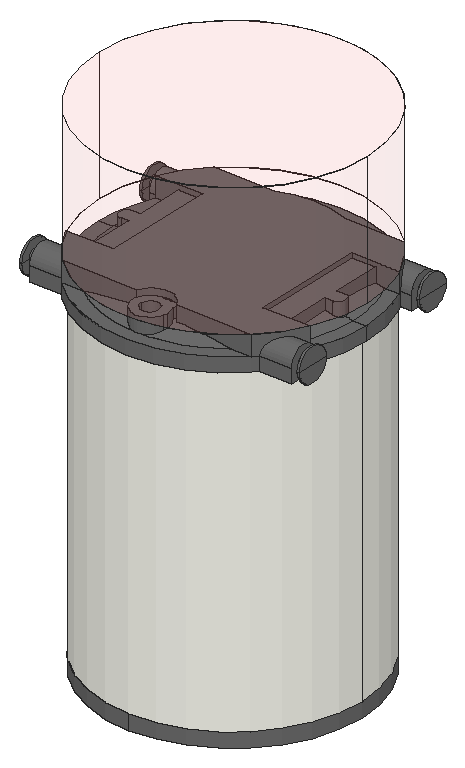
Revit family (continued)
Definition of nested family "Cooling_Plant_Accessories-Calmac-IceBank-Lid_C-75"
  Dimensions and locks (in)
    aligned and locked: plane 41 "Top" to Masking region 2 sketch curve
    aligned and locked: Masking region 2 sketch curve to plane 2 "Bottom"
    aligned and locked: plane 18 "Piping Front" to Masking region 2 sketch curve
    aligned and locked: Masking region 2 sketch curve to plane 43 "Connector Channel Top"
    aligned and locked: plane 22 "Front Inset" to Masking region 2 sketch curve
    aligned and locked: plane 14 "Front" to Masking region 2 sketch curve
    aligned and locked: curve 125 to cut or joined group of Revolve 1, Extrusion 2, Extrusion 4
    aligned and locked: curve 126 to cut or joined group of Revolve 1, Extrusion 2, Extrusion 4
    aligned and locked: curve 127 to cut or joined group of Revolve 1, Extrusion 2, Extrusion 4
    aligned and locked: curve 128 to cut or joined group of Revolve 1, Extrusion 2, Extrusion 4
    aligned and locked: curve 129 to cut or joined group of Revolve 1, Extrusion 2, Extrusion 4
    aligned and locked: curve 130 to Extrusion 5
    aligned and locked: curve 131 to Extrusion 5
    aligned and locked: curve 132 to Extrusion 5
    aligned and locked: curve 133 to Extrusion 5
    aligned and locked: curve 134 to Extrusion 5
    aligned and locked: curve 135 to Extrusion 5
    aligned and locked: curve 136 to Extrusion 5
    aligned and locked: curve 137 to Extrusion 5
    aligned and locked: curve 138 to cut or joined group of Revolve 1, Extrusion 2, Extrusion 4
    aligned and locked: curve 139 to cut or joined group of Revolve 1, Extrusion 2, Extrusion 4
    aligned and locked: curve 140 to curve 138
    aligned and locked: curve 141 to curve 139
    aligned and locked: curve 142 to curve 128
    aligned and locked: curve 143 to curve 127
    aligned and locked: curve 144 to cut or joined group of Revolve 1, Extrusion 2, Extrusion 4
    aligned and locked: curve 145 to cut or joined group of Revolve 1, Extrusion 2, Extrusion 4
    aligned and locked: curve 146 to cut or joined group of Revolve 1, Extrusion 2, Extrusion 4
    aligned and locked: curve 147 to cut or joined group of Revolve 1, Extrusion 2, Extrusion 4
    aligned and locked: curve 148 to cut or joined group of Revolve 1, Extrusion 2, Extrusion 4
    aligned and locked: curve 149 to cut or joined group of Revolve 1, Extrusion 2, Extrusion 4
    aligned and locked: curve 150 to cut or joined group of Revolve 1, Extrusion 2, Extrusion 4
    aligned and locked: cut or joined group of Revolve 1, Extrusion 2, Extrusion 4 to curve 151
    aligned and locked: curve 152 to cut or joined group of Revolve 1, Extrusion 2, Extrusion 4
    aligned and locked: curve 153 to cut or joined group of Revolve 1, Extrusion 2, Extrusion 4
    aligned and locked: curve 154 to cut or joined group of Revolve 1, Extrusion 2, Extrusion 4
    aligned and locked: curve 155 to cut or joined group of Revolve 1, Extrusion 2, Extrusion 4
    aligned and locked: curve 156 to cut or joined group of Revolve 1, Extrusion 2, Extrusion 4
    aligned and locked: curve 157 to cut or joined group of Revolve 1, Extrusion 2, Extrusion 4
    aligned and locked: curve 158 to cut or joined group of Revolve 1, Extrusion 2, Extrusion 4
    aligned and locked: cut or joined group of Revolve 1, Extrusion 2, Extrusion 4 to curve 159
    aligned and locked: curve 160 to cut or joined group of Revolve 1, Extrusion 2, Extrusion 4
    aligned and locked: curve 161 to cut or joined group of Revolve 1, Extrusion 2, Extrusion 4
    aligned and locked: curve 162 to cut or joined group of Revolve 1, Extrusion 2, Extrusion 4
    aligned and locked: cut or joined group of Revolve 1, Extrusion 2, Extrusion 4 to curve 163
    aligned and locked: curve 164 to cut or joined group of Revolve 1, Extrusion 2, Extrusion 4
    aligned and locked: cut or joined group of Revolve 1, Extrusion 2, Extrusion 4 to curve 165
    aligned and locked: curve 166 to cut or joined group of Revolve 1, Extrusion 2, Extrusion 4
    aligned and locked: cut or joined group of Revolve 1, Extrusion 2, Extrusion 4 to curve 167
    aligned and locked: curve 168 to cut or joined group of Revolve 1, Extrusion 2, Extrusion 4
    aligned and locked: curve 169 to cut or joined group of Revolve 1, Extrusion 2, Extrusion 4
    aligned and locked: curve 170 to cut or joined group of Revolve 1, Extrusion 2, Extrusion 4
    aligned and locked: curve 171 to cut or joined group of Revolve 1, Extrusion 2, Extrusion 4
    aligned and locked: curve 172 to cut or joined group of Revolve 1, Extrusion 2, Extrusion 4
    aligned and locked: curve 173 to cut or joined group of Revolve 1, Extrusion 2, Extrusion 4
    aligned and locked: curve 174 to cut or joined group of Revolve 1, Extrusion 2, Extrusion 4
    aligned and locked: curve 175 to cut or joined group of Revolve 1, Extrusion 2, Extrusion 4
    aligned and locked: cut or joined group of Revolve 1, Extrusion 2, Extrusion 4 to curve 176
    aligned and locked: cut or joined group of Revolve 1, Extrusion 2, Extrusion 4 to curve 177
    aligned and locked: cut or joined group of Revolve 1, Extrusion 2, Extrusion 4 to curve 178
    aligned and locked: cut or joined group of Revolve 1, Extrusion 2, Extrusion 4 to curve 179
    aligned and locked: cut or joined group of Revolve 1, Extrusion 2, Extrusion 4 to curve 180
    aligned and locked: cut or joined group of Revolve 1, Extrusion 2, Extrusion 4 to curve 181
    aligned and locked: cut or joined group of Revolve 1, Extrusion 2, Extrusion 4 to curve 182
    aligned and locked: cut or joined group of Revolve 1, Extrusion 2, Extrusion 4 to curve 183
    aligned and locked: Masking region 3 sketch curve to curve 140  (x2)
    aligned and locked: Masking region 3 sketch curve to curve 141
    aligned and locked: nested 1 to plane 6 "Back Connector Center"
    aligned: nested 1 to plane 45 "Connection Sleeve Right"
    aligned and locked: plane 16 "Fron Connector Center" to nested 2
    aligned: nested 2 to plane 45 "Connection Sleeve Right"
    aligned: nested 3 to plane 44 "Connection Sleeve Left"
    aligned and locked: nested 3 to plane 16 "Fron Connector Center"
    aligned: nested 4 to plane 44 "Connection Sleeve Left"
    aligned and locked: plane 6 "Back Connector Center" to nested 4
    aligned: plane 42 "Connector Center(Elevation)" to nested 4
    aligned: plane 42 "Connector Center(Elevation)" to nested 3
    aligned: plane 42 "Connector Center(Elevation)" to nested 1
    aligned: plane 42 "Connector Center(Elevation)" to nested 2
    aligned and locked: plane 34 "Right" to curve 184
    aligned and locked: plane 26 "Left" to curve 184
    aligned and locked: plane 1 "Center (Front/Back)" to curve 184
    aligned and locked: curve 163 to plane 41 "Top"
    aligned and locked: plane 4 "Back" to curve 185
    aligned and locked: plane 14 "Front" to curve 185
    aligned and locked: plane 3 "Center (Left/Right)" to curve 185
    aligned and locked: plane 41 "Top" to curve 183
    aligned and locked: plane 41 "Top" to curve 186
    aligned and locked: curve 186 to plane 3 "Center (Left/Right)"
    aligned and locked: plane 2 "Bottom" to curve 186
    aligned and locked: plane 1 "Center (Front/Back)" to curve 186
    aligned and locked: Masking region 3 sketch curve to plane 5 "Back Connector Back"
    aligned and locked: plane 45 "Connection Sleeve Right" to Masking region 3 sketch curve
    aligned and locked: Masking region 3 sketch curve to plane 45 "Connection Sleeve Right"
    aligned and locked: Extrusion 3 to Masking region 3 sketch curve
    aligned and locked: Masking region 3 sketch curve to plane 15 "Front Connection Front"  (x2)
    aligned and locked: plane 44 "Connection Sleeve Left" to Masking region 3 sketch curve
    aligned and locked: Masking region 3 sketch curve to plane 44 "Connection Sleeve Left"
    aligned and locked: plane 5 "Back Connector Back" to Masking region 3 sketch curve
    aligned: plane 3 "Center (Left/Right)" to nested 5
    aligned and locked: plane 1 "Center (Front/Back)" to nested 5
    aligned: plane 58 "T.O. Clearance Box" to nested 5  (x2)
    aligned: plane 41 "Top" to nested 5
    aligned and locked: nested 2 to plane 59 "Right Connector Face"
    aligned and locked: nested 1 to plane 59 "Right Connector Face"
    aligned and locked: nested 3 to plane 60 "Left Connector Face"
    aligned and locked: nested 4 to plane 60 "Left Connector Face"
    aligned and locked: plane 62 "Sleeve Right" to Extrusion 3
    aligned and locked: plane 61 "Sleeve Left" to Extrusion 3
    aligned and locked: Masking region 3 sketch curve to plane 61 "Sleeve Left"
    aligned and locked: plane 7 "Back Connector Front" to Masking region 3 sketch curve
    aligned and locked: Masking region 3 sketch curve to plane 17 "Front Connector Back"  (x2)
    aligned and locked: plane 61 "Sleeve Left" to Masking region 3 sketch curve
    aligned and locked: plane 62 "Sleeve Right" to Masking region 3 sketch curve
    aligned and locked: Masking region 3 sketch curve to plane 62 "Sleeve Right"
    aligned and locked: Masking region 3 sketch curve to plane 7 "Back Connector Front"
    aligned and locked: plane 42 "Connector Center(Elevation)" to curve 103
    aligned and locked: plane 54 "Right Tunnel Ref" to curve 104
    aligned and locked: curve 105 to plane 55 "Left Tunnel Ref"
    aligned and locked: plane 45 "Connection Sleeve Right" to curve 114
    aligned and locked: plane 41 "Top" to curve 176
    aligned and locked: plane 42 "Connector Center(Elevation)" to curve 176
    aligned and locked: plane 42 "Connector Center(Elevation)" to curve 158
    aligned and locked: plane 41 "Top" to curve 182
    aligned and locked: plane 42 "Connector Center(Elevation)" to curve 177
    aligned and locked: plane 41 "Top" to curve 177
    aligned and locked: plane 41 "Top" to curve 178
    aligned and locked: plane 42 "Connector Center(Elevation)" to curve 178
    aligned and locked: plane 42 "Connector Center(Elevation)" to curve 144
    aligned and locked: plane 41 "Top" to curve 180
    aligned and locked: plane 41 "Top" to curve 179
    aligned and locked: plane 42 "Connector Center(Elevation)" to curve 179
    aligned and locked: plane 41 "Top" to curve 181
    aligned and locked: plane 42 "Connector Center(Elevation)" to curve 181
    aligned and locked: nested 5 to plane 41 "Top"
    aligned and locked: plane 58 "T.O. Clearance Box" to nested 5
    aligned and locked: plane 42 "Connector Center(Elevation)" to nested 1
    aligned and locked: plane 42 "Connector Center(Elevation)" to nested 2
    aligned and locked: plane 42 "Connector Center(Elevation)" to nested 4
    aligned and locked: plane 42 "Connector Center(Elevation)" to nested 3
  Automatic sketch dimensions
    Extrusion 4 sketch curve to plane 9 "Rigging Back" = 0' - 0"
    plane 40 "Top Right" to Extrusion 2 sketch curve = 0' - 4.0663"
    plane 3 "Center (Left/Right)" to Extrusion 2 sketch curve = 0' - 0.00163"
    plane 24 "Pad Eye Front Center" to Extrusion 2 sketch curve = 0' - 0.19621"
    plane 10 "Rigging Loop Back" to Extrusion 2 sketch curve = 0' - 1.54805"
    Extrusion 2 sketch curve to Extrusion 2 sketch curve = 0' - 0"  (x2)
    plane 36 "Right Rigging Loop Right" to Extrusion 2 sketch curve = 0' - 4.88399"
    plane 24 "Pad Eye Front Center" to Extrusion 5 sketch curve = 0' - 0.02333"
    plane 24 "Pad Eye Front Center" to Extrusion 5 sketch curve = 0' - 0.02277"
    Extrusion 5 sketch curve to Extrusion 5 sketch curve = 0' - 0.36824"
    Extrusion 5 sketch curve to Extrusion 5 sketch curve = 0' - 0.36835"
    Extrusion 5 sketch curve to Extrusion 5 sketch curve = 0' - 0"  (x2)
    Masking region 3 sketch curve to Masking region 3 sketch curve = 0' - 0"  (x2)
    Masking region 3 sketch curve to plane 44 "Connection Sleeve Left" = 0' - 0"
    Masking region 3 sketch curve to Masking region 3 sketch curve = 0' - 0.43383"
    curve 112 to plane 43 "Connector Channel Top" = 0' - 0"
    curve 120 to level = 0' - 0"
    curve 113 to level = 0' - 0"
    curve 117 to level = 0' - 0"
    curve 114 to level = 0' - 0"
    curve 104 to plane 41 "Top" = 0' - 0"
    curve 109 to plane 41 "Top" = 0' - 0"
    curve 108 to plane 41 "Top" = 0' - 0"
    curve 105 to plane 41 "Top" = 0' - 0"
    curve 109 to curve 112 = 0' - 0.56869"
    plane 3 "Center (Left/Right)" to curve 115 = 0' - 0"
    curve 112 to curve 108 = 0' - 0.57194"
    plane 36 "Right Rigging Loop Right" to curve 116 = 0' - 0.0067"
    plane 42 "Connector Center(Elevation)" to curve 116 = 0' - 0.04774"
    curve 111 to curve 108 = 0' - 0.56061"
    plane 41 "Top" to curve 115 = 0' - 8.77139"
    curve 50 to plane 47 "Bolt Inset Right" = 0' - 0"
    curve 49 to plane 3 "Center (Left/Right)" = 0' - 0"
    curve 125 to plane 8 "Piping Back" = 0' - 0"
    plane 19 "Rigging Front" to curve 129 = 0' - 0"
    plane 4 "Back" to curve 50 = 0' - 0"
    plane 49 "Bolt Inset Center" to curve 49 = 0' - 0"
    plane 34 "Right" to curve 68 = 0' - 0.05975"
    plane 34 "Right" to curve 71 = 0' - 0.05975"
    plane 33 "Right Connection" to curve 69 = 0' - 0.05346"
    plane 33 "Right Connection" to curve 67 = 0' - 0.05346"
    plane 52 "Right Side Chanel" to curve 71 = 0' - 0.58177"
    plane 52 "Right Side Chanel" to curve 66 = 0' - 0.58177"
    plane 52 "Right Side Chanel" to curve 66 = 0' - 0.71351"
    plane 52 "Right Side Chanel" to curve 70 = 0' - 0.71351"
    plane 52 "Right Side Chanel" to curve 74 = 0' - 0.72576"
    plane 52 "Right Side Chanel" to curve 99 = 0' - 0.72576"
    plane 52 "Right Side Chanel" to curve 69 = 0' - 0.84524"
    plane 52 "Right Side Chanel" to curve 67 = 0' - 0.84524"
    curve 72 to plane 57 "Right Tunnel Ref Center" = 0' - 0.39515"
    curve 62 to plane 57 "Right Tunnel Ref Center" = 0' - 0.35589"
    plane 35 "Lid Inset Right" to curve 99 = 0' - 0.20973"
    plane 35 "Lid Inset Right" to curve 74 = 0' - 0.20973"
    curve 99 to curve 60 = 0' - 0.00797"
    plane 35 "Lid Inset Right" to curve 60 = 0' - 0.4131"
    plane 35 "Lid Inset Right" to curve 73 = 0' - 0.58321"
    curve 60 to curve 61 = 0' - 0.19232"
    plane 35 "Lid Inset Right" to curve 73 = 0' - 0.95668"
    curve 61 to plane 51 "Top Right Inset" = 0' - 0.97408"
    plane 21 "Top Front Edge" to curve 97 = 0' - 0.02024"
    plane 46 "Right Center" to curve 97 = 0' - 0.08642"
    plane 46 "Right Center" to curve 65 = 0' - 0.10857"
    plane 8 "Piping Back" to curve 64 = 0' - 0.58462"
    plane 46 "Right Center" to curve 64 = 0' - 1.33334"
    plane 18 "Piping Front" to curve 97 = 0' - 0.54429"
    plane 46 "Right Center" to curve 97 = 0' - 1.33764"
    plane 46 "Right Center" to curve 63 = 0' - 1.63906"
    curve 98 to plane 24 "Pad Eye Front Center" = 0' - 0.7003"
    plane 46 "Right Center" to curve 98 = 0' - 1.64225"
    curve 96 to plane 23 "Pad Eye Hole" = 0' - 0.03387"
    curve 96 to curve 96 = 0' - 0.77791"
    curve 64 to curve 64 = 0' - 0.79088"
    plane 21 "Top Front Edge" to curve 98 = 0' - 0 5/16"
    curve 64 to plane 39 "Right Rigging Left" = 0' - 0.70964"
    curve 93 to plane 22 "Front Inset" = 0' - 1.49486"
    curve 93 to plane 40 "Top Right" = 0' - 3.68687"
    plane 49 "Bolt Inset Center" to curve 53 = 0' - 0.44475"
    curve 53 to plane 40 "Top Right" = 0' - 3.66499"
    plane 22 "Front Inset" to curve 93 = 0' - 0.38295"
    curve 93 to curve 93 = 0' - 0.66239"
    plane 12 "Back Inset" to curve 53 = 0' - 0.51617"
    curve 53 to curve 53 = 0' - 0.66892"
    plane 22 "Front Inset" to curve 94 = 0' - 0.0503"
    curve 93 to curve 94 = 0' - 0.94305"
    plane 12 "Back Inset" to curve 52 = 0' - 0.18178"
    curve 53 to curve 52 = 0' - 0.94262"
    curve 95 to plane 40 "Top Right" = 0' - 1 205/256"
    curve 51 to plane 49 "Bolt Inset Center" = 0' - 0.21117"
    curve 51 to plane 40 "Top Right" = 0' - 1.7752"
    curve 94 to plane 22 "Front Inset" = 0' - 0.28236"
    curve 51 to plane 12 "Back Inset" = 0' - 0.1526"
    curve 165 to curve 132 = 0' - 1.92013"
    curve 126 to plane 18 "Piping Front" = 0' - 0.51914"  (x2)
    curve 164 to curve 163 = 0' - 0.30497"
    curve 173 to curve 125 = 0' - 1.35639"
    curve 55 to plane 12 "Back Inset" = 0' - 0.20247"
    curve 55 to plane 32 "Top Left" = 0' - 1.1267"
    curve 88 to plane 22 "Front Inset" = 0' - 0.28236"
    curve 88 to plane 32 "Top Left" = 0' - 1.13838"
    curve 56 to plane 49 "Bolt Inset Center" = 0' - 0.27827"
    curve 56 to plane 32 "Top Left" = 0' - 1.78316"
    curve 89 to plane 32 "Top Left" = 0' - 1.81788"
    plane 12 "Back Inset" to curve 55 = 0' - 0.12568"
    curve 55 to curve 55 = 0' - 0.9448"
    plane 22 "Front Inset" to curve 88 = 0' - 0.0503"
    curve 88 to curve 88 = 0' - 0.94305"
    plane 12 "Back Inset" to curve 54 = 0' - 0.45384"
    plane 22 "Front Inset" to curve 87 = 0' - 0.38295"
    plane 49 "Bolt Inset Center" to curve 54 = 0' - 0.39092"
    curve 54 to curve 54 = 0' - 0.65198"
    curve 87 to plane 22 "Front Inset" = 0' - 1.54109"
    curve 89 to curve 87 = 0' - 1.8853"
    curve 59 to plane 31 "Left Rigging Right" = 0' - 0.73306"
    plane 21 "Top Front Edge" to curve 85 = 0' - 0 5/16"
    curve 85 to plane 31 "Left Rigging Right" = 0' - 0.73601"
    curve 85 to plane 23 "Pad Eye Hole" = 0' - 0.03387"
    curve 85 to curve 85 = 0' - 0.77791"
    curve 58 to curve 58 = 0' - 0.80477"  (x2)
    curve 59 to plane 31 "Left Rigging Right" = 0' - 1.92107"
    curve 86 to plane 24 "Pad Eye Front Center" = 0' - 0.7403"
    curve 86 to plane 31 "Left Rigging Right" = 0' - 2 5/256"
    plane 18 "Piping Front" to curve 85 = 0' - 0.54429"
    plane 8 "Piping Back" to curve 58 = 0' - 0.67433"
    curve 58 to curve 57 = 0' - 1.17992"
    curve 84 to plane 21 "Top Front Edge" = 0' - 0.0179"
    curve 86 to curve 84 = 0' - 1.55432"
    plane 27 "Left Lip Inset" to curve 76 = 0' - 0.96143"
    curve 101 to plane 19 "Rigging Front" = 0' - 0.45769"
    plane 27 "Left Lip Inset" to curve 101 = 0' - 0.96143"
    curve 100 to curve 161 = 0' - 0.21853"
    plane 27 "Left Lip Inset" to curve 101 = 0' - 0.58796"
    plane 27 "Left Lip Inset" to curve 76 = 0' - 0.58796"
    plane 27 "Left Lip Inset" to curve 102 = 0' - 0.21448"
    plane 27 "Left Lip Inset" to curve 76 = 0' - 0.21448"
    curve 75 to plane 56 "Left Tunnel Ref Center" = 0' - 0.3904"
    curve 100 to plane 19 "Rigging Front" = 0' - 0.01575"
    curve 100 to plane 56 "Left Tunnel Ref Center" = 0' - 0.3904"
    plane 53 "Left Side Channel" to curve 83 = 0' - 0.84999"
    plane 53 "Left Side Channel" to curve 79 = 0' - 0.84999"
    plane 53 "Left Side Channel" to curve 77 = 0' - 0.73051"
    plane 53 "Left Side Channel" to curve 102 = 0' - 0.73051"
    plane 53 "Left Side Channel" to curve 79 = 0' - 0.71826"
    plane 53 "Left Side Channel" to curve 82 = 0' - 0.71826"
    plane 53 "Left Side Channel" to curve 80 = 0' - 0.58652"
    plane 53 "Left Side Channel" to curve 82 = 0' - 0.58652"
    plane 25 "Left Connection" to curve 78 = 0' - 0.05821"
    plane 25 "Left Connection" to curve 83 = 0' - 0.05821"
    plane 26 "Left" to curve 80 = 0' - 0.0645"
    plane 26 "Left" to curve 81 = 0' - 0.0645"
    plane 4 "Back" to curve 48 = 0' - 0.01364"
    curve 59 to curve 57 = 0' - 2.79764"
    curve 63 to curve 64 = 0' - 2.87284"
    curve 57 to curve 58 = 0' - 1.59891"
    curve 65 to curve 65 = 0' - 1.58211"
    plane 8 "Piping Back" to curve 58 = 0' - 1.86209"
    plane 8 "Piping Back" to curve 64 = 0' - 1.80912"
    curve 72 to plane 9 "Rigging Back" = 0' - 0.53489"
    curve 75 to plane 9 "Rigging Back" = 0' - 0.53489"
    curve 72 to plane 9 "Rigging Back" = 0' - 1.27856"
    curve 75 to plane 9 "Rigging Back" = 0' - 1.27856"
    curve 72 to curve 73 = 0' - 0.92764"
    curve 75 to curve 76 = 0' - 0.92764"
    curve 77 to curve 76 = 0' - 0.74367"
    curve 74 to curve 73 = 0' - 0.74367"
    plane 10 "Rigging Loop Back" to curve 69 = 0' - 3.7979"
    plane 10 "Rigging Loop Back" to curve 78 = 0' - 3.7979"
    curve 69 to curve 69 = 0' - 0.26232"
    curve 78 to curve 79 = 0' - 0.26232"
    curve 69 to curve 70 = 0' - 0.99128"
    curve 78 to curve 79 = 0' - 0.99128"
    plane 10 "Rigging Loop Back" to curve 71 = 0' - 1.81533"
    plane 10 "Rigging Loop Back" to curve 80 = 0' - 1.81533"
    plane 20 "Rigging Loop Front" to curve 68 = 0' - 1.55302"
    plane 20 "Rigging Loop Front" to curve 82 = 0' - 1.55302"
    plane 20 "Rigging Loop Front" to curve 81 = 0' - 1.81533"
    plane 20 "Rigging Loop Front" to curve 68 = 0' - 1.81533"
    curve 66 to curve 66 = 0' - 0.99128"
    curve 81 to curve 82 = 0' - 0.99128"
    curve 66 to curve 67 = 0' - 0.26232"
    curve 83 to curve 83 = 0' - 0.26232"
    curve 99 to plane 19 "Rigging Front" = 0' - 3.13384"
    curve 99 to curve 61 = 0' - 0.01104"
    curve 60 to curve 60 = 0' - 0.69763"
    curve 99 to curve 99 = 0' - 0.74367"
    curve 102 to curve 100 = 0' - 1.85528"
    curve 60 to curve 61 = 0' - 0.22433"
    curve 102 to plane 19 "Rigging Front" = 0' - 1.87103"
    curve 62 to plane 19 "Rigging Front" = 0' - 0.50327"
    plane 14 "Front" to curve 92 = 0' - 1.8675"
    plane 14 "Front" to curve 95 = 0' - 1.65483"
    plane 14 "Front" to curve 89 = 0' - 1.60633"
    curve 90 to plane 14 "Front" = 0' - 0.12249"
    curve 92 to plane 14 "Front" = 0' - 0.12494"
    curve 183 to plane 18 "Piping Front" = 0' - 0"
    curve 182 to plane 42 "Connector Center(Elevation)" = 0' - 0"
    curve 183 to plane 42 "Connector Center(Elevation)" = 0' - 0"
    curve 182 to plane 12 "Back Inset" = 0' - 6.98603"
    curve 177 to plane 18 "Piping Front" = 0' - 0"
    curve 176 to plane 8 "Piping Back" = 0' - 0"
    curve 180 to plane 9 "Rigging Back" = 0' - 0"
    curve 180 to plane 42 "Connector Center(Elevation)" = 0' - 0"
    plane 16 "Fron Connector Center" to curve 181 = 0' - 5 1/4"
    curve 179 to plane 19 "Rigging Front" = 0' - 0"
    curve 178 to plane 9 "Rigging Back" = 0' - 0"
    curve 20 to curve 26 = 0' - 0"  (x2)
    curve 20 to curve 30 = 0' - 0"  (x2)
    curve 20 to curve 33 = 0' - 0"  (x2)
    curve 20 to curve 34 = 0' - 0"  (x2)
    curve 20 to curve 44 = 0' - 0"  (x2)
    curve 20 to curve 45 = 0' - 0"  (x2)
    curve 20 to curve 46 = 0' - 0"  (x2)
    curve 20 to curve 47 = 0' - 0"  (x2)
    curve 20 to curve 140 = 0' - 0"  (x2)
    curve 20 to curve 142 = 0' - 0"  (x2)
    curve 20 to curve 143 = 0' - 0"
    curve 20 to curve 146 = 0' - 0"  (x2)
    curve 20 to curve 150 = 0' - 0"  (x2)
    curve 20 to curve 154 = 0' - 0"  (x2)
    curve 20 to curve 158 = 0' - 0"  (x2)
    curve 26 to plane 57 "Right Tunnel Ref Center" = 0' - 0"
    curve 29 to plane 57 "Right Tunnel Ref Center" = 0' - 0"
    curve 153 to plane 45 "Connection Sleeve Right" = 0' - 0"
    plane 1 "Center (Front/Back)" to curve 37 = 0' - 0"
    plane 20 "Rigging Loop Front" to curve 37 = 0' - 0"
    curve 155 to plane 8 "Piping Back" = 0' - 0"
    curve 155 to plane 38 "Right Rigging Loop Left" = 0' - 0"
    curve 36 to plane 38 "Right Rigging Loop Left" = 0' - 0"
    curve 32 to plane 38 "Right Rigging Loop Left" = 0' - 0"
    plane 18 "Piping Front" to curve 149 = 0' - 0"
    plane 18 "Piping Front" to curve 150 = 0' - 0"
    curve 154 to plane 8 "Piping Back" = 0' - 0"
    curve 151 to plane 39 "Right Rigging Left" = 0' - 0"
    curve 156 to plane 40 "Top Right" = 0' - 0"
    curve 156 to plane 3 "Center (Left/Right)" = 0' - 0"
    plane 18 "Piping Front" to curve 148 = 0' - 0"
    curve 19 to plane 8 "Piping Back" = 0' - 0"
    curve 22 to plane 31 "Left Rigging Right" = 0' - 0"
    curve 19 to plane 55 "Left Tunnel Ref" = 0' - 0"
    curve 158 to plane 8 "Piping Back" = 0' - 0"
    curve 147 to plane 55 "Left Tunnel Ref" = 0' - 0"
    curve 39 to plane 10 "Rigging Loop Back" = 0' - 0"
    curve 39 to plane 30 "Left Rigging Loop Right" = 0' - 0"
    curve 43 to plane 30 "Left Rigging Loop Right" = 0' - 0"
    plane 1 "Center (Front/Back)" to curve 41 = 0' - 0"
    plane 35 "Lid Inset Right" to curve 143 = 0' - 0.00039"
    curve 47 to plane 37 "Right Rigging Loop Inset" = 0' - 1.48966"
    curve 37 to plane 37 "Right Rigging Loop Inset" = 0' - 1.25367"
    plane 38 "Right Rigging Loop Left" to curve 149 = 0' - 0.01509"
    curve 34 to plane 39 "Right Rigging Left" = 0' - 1.24396"
    plane 40 "Top Right" to curve 148 = 0' - 4.0663"
    plane 3 "Center (Left/Right)" to curve 148 = 0' - 0.00163"
    curve 44 to plane 31 "Left Rigging Right" = 0' - 1.24396"
    plane 55 "Left Tunnel Ref" to curve 157 = 0' - 0.41423"
    curve 41 to plane 29 "Left Rigging Loop Inset" = 0' - 1.24992"
    curve 46 to plane 29 "Left Rigging Loop Inset" = 0' - 1.49441"
    plane 27 "Left Lip Inset" to curve 159 = 0' - 0.17459"
    plane 27 "Left Lip Inset" to curve 142 = 0' - 0.00039"
    plane 10 "Rigging Loop Back" to curve 156 = 0' - 1.54805"
    curve 142 to plane 1 "Center (Front/Back)" = 0' - 0.161"
    plane 24 "Pad Eye Front Center" to curve 148 = 0' - 0.19621"
    curve 6 to plane 20 "Rigging Loop Front" = 0' - 0"
    curve 5 to plane 12 "Back Inset" = 0' - 0"
    level to curve 16 = 0' - 0"
    level to curve 2 = 0' - 0"
    level to curve 15 = 0' - 0"
    level to curve 3 = 0' - 0"
    curve 7 to plane 41 "Top" = 0' - 0"
    curve 4 to plane 41 "Top" = 0' - 0"
    curve 12 to plane 41 "Top" = 0' - 0"
    curve 17 to plane 41 "Top" = 0' - 0"
    plane 22 "Front Inset" to curve 18 = 0' - 0.00227"
    curve 10 to curve 9 = 0' - 0.5091"
    curve 8 to curve 8 = 0' - 1.24396"
    curve 124 to plane 8 "Piping Back" = 0' - 0"
    curve 122 to plane 43 "Connector Channel Top" = 0' - 0"
    curve 123 to plane 1 "Center (Front/Back)" = 0' - 0.00127"
    plane 10 "Rigging Loop Back" to curve 123 = 0' - 0.00253"
    curve 124 to plane 8 "Piping Back" = 0' - 1.95677"
    curve 124 to plane 42 "Connector Center(Elevation)" = 0' - 1.1899"
    curve 124 to plane 42 "Connector Center(Elevation)" = 0' - 1.13321"
    curve 122 to plane 42 "Connector Center(Elevation)" = 0' - 0.88175"
    curve 123 to plane 41 "Top" = 0' - 0.04924"
  Nested families (in)
    nested 1: "Cooling_Plant_Accessories-Calmac-Icebank-4-Inch Flanged Connection" at (35.83203, 20.5, 3.75), Pipe Material <- "Pipe Material", visible <- "Is Back Right Flanged Connector Visible", type "Flanged Connection"
    nested 2: "Cooling_Plant_Accessories-Calmac-Icebank-4-Inch Flanged Connection" at (35.83203, -20.5, 3.75), Pipe Material <- "Pipe Material", visible <- "Is Front Right Flanged Connector Visible", type "Flanged Connection"
    nested 3: "Cooling_Plant_Accessories-Calmac-Icebank-4-Inch Flanged Connection" at (-35.83203, -20.5, 3.75) x (-1, 0, 0) z (0, 0, 1), Pipe Material <- "Pipe Material", visible <- "Is Front Left Flanged Connector Visible", type "Flanged Connection"
    nested 4: "Cooling_Plant_Accessories-Calmac-Icebank-4-Inch Flanged Connection" at (-35.83203, 20.5, 3.75) x (-1, 0, 0) z (0, 0, 1), Pipe Material <- "Pipe Material", visible <- "Is Back Left Flanged Connector Visible", type "Flanged Connection"
    nested 5: "Cooling_Plant_Accessories-Calmac-IceBankClearance Box" at (0.26977, 0, 15.25), CTRL Radius <- "CTRL Radius", visible <- "Is Clearance Box Visible", Height <- "Clearance Box Height", type "Include Clearance"
      with Width 6' - 1 3/8", Height 2' - 0", Depth 6' - 1 3/8", CTRL Radius 3' - 0 11/16"
  Definition of nested family "Cooling_Plant_Accessories-Calmac-Icebank-4-Inch Flanged Connection"
    Parameters (values of type "4"")
      Pipe Material [instance] = none
    Reference planes (in)
      plane 1 "Center (Front/Back)": y = 0
      plane 2 "Center (Elevation)": z = 0
      plane 3 "Center (Left/Right)": x = 0
      plane 4 "Back": y = 4.5
      plane 5 "Back Face": x = 1.79297
      plane 6 "Base Back": y = 2.25
      plane 7 "Fase Back": y = 3
      plane 8 "Front": y = -4.5
      plane 9 "Base Front": y = -2.25
      plane 10 "Face Front": y = -3
      plane 11 "Face": x = 2.41797
      plane 12 "T.O. Flange": z = 4.5
      plane 13 "T.O. Pipe": z = 2.25
      plane 14 "B.O. Flange": z = -4.5
      plane 15 "B.O. Pipe": z = -2.25
    Forms (in)
      Revolve 1, solid, material <- "Pipe Material", detail levels fine
        sketch origin (0, 0, 0) x (1, 0, 0) y (0, 1, 0)
          loop
            line (0, 2.25) -> (0, 0) -> (2.41797, 0) -> (2.41797, 4.5) -> (1.79297, 4.5) -> (1.79297, 2.25) -> (0, 2.25)
          axis (0, 0) -> (2.41797, 0)
        angle from 0 to 360
    Lines and regions (in)
      Masking region 1, detail levels fine
        outline origin (0, 0, 0) x (0, 1, 0) y (0, 0, 1)
          loop
            circle (0, 0) r 4.5
      Masking region 2, detail levels fine
        outline origin (0, 0, 0) x (1, 0, 0) y (0, 0, 1)
          loop
            line (2.41797, 4.5) -> (1.79297, 4.5) -> (1.79297, 2.25) -> (0, 2.25) -> (0, -2.25) -> (1.79297, -2.25) -> (1.79297, -4.5) -> (2.41797, -4.5) -> (2.41797, 4.5)
      Masking region 3, detail levels fine
        outline origin (0, 0, 0) x (1, 0, 0) y (0, 1, 0)
          loop
            line (0, 2.25) -> (0, -2.25) -> (1.79297, -2.25) -> (1.79297, -4.5) -> (2.41797, -4.5) -> (2.41797, 4.5) -> (1.79297, 4.5) -> (1.79297, 2.25) -> (0, 2.25)
      model lines, style "Piping", detail levels medium
        curve 1: line (0, 0, 0) -> (2.41797, 0, 0)
        curve 2: arc (2.41797, -4.5, 0) -> (2.41797, 0, 4.5) -> (2.41797, 4.5, 0) r 4.5
        curve 3: arc (2.41797, 4.5, 0) -> (2.41797, 0, -4.5) -> (2.41797, -4.5, 0) r 4.5
      symbolic lines, detail levels coarse+medium
        curve 4: line (0, 0, 0) -> (2.41797, 0, 0)
        curve 5: line (0, 0, 0) -> (2.41797, 0, 0)
    Dimensions and locks (in)
      locked: plane 4 "Back" to plane 7 "Fase Back" at 1.5
      locked: plane 4 "Back" to plane 6 "Base Back" at 2.25
      locked: plane 8 "Front" to plane 10 "Face Front" at 1.5
      locked: plane 8 "Front" to plane 9 "Base Front" at 2.25
      locked: plane 1 "Center (Front/Back)" to plane 6 "Base Back" at 2.25
      locked: plane 9 "Base Front" to plane 1 "Center (Front/Back)" at 2.25
      locked: plane 3 "Center (Left/Right)" to plane 11 "Face" at 2.41797
      locked: plane 5 "Back Face" to plane 11 "Face" at 0.625
      locked: plane 2 "Center (Elevation)" to plane 14 "B.O. Flange" at 4.5
      locked: plane 2 "Center (Elevation)" to plane 15 "B.O. Pipe" at 2.25
      locked: plane 12 "T.O. Flange" to plane 2 "Center (Elevation)" at 4.5
      locked: plane 12 "T.O. Flange" to plane 13 "T.O. Pipe" at 2.25
      aligned and locked: Revolve 1 sketch curve to plane 3 "Center (Left/Right)"
      aligned and locked: Revolve 1 sketch curve to plane 5 "Back Face"
      aligned and locked: Revolve 1 sketch curve to plane 11 "Face"
      aligned and locked: Revolve 1 sketch curve to plane 1 "Center (Front/Back)"
      aligned and locked: Revolve 1 sketch curve to plane 4 "Back"
      aligned and locked: Revolve 1 sketch curve to plane 6 "Base Back"
      aligned and locked: plane 1 "Center (Front/Back)" to Revolve 1 sketch curve  (x2)
      aligned and locked: plane 3 "Center (Left/Right)" to Revolve 1 sketch curve
      aligned and locked: Masking region 1 sketch curve to Revolve 1  (x2)
      aligned and locked: Masking region 2 sketch curve to Revolve 1  (x3)
      aligned and locked: Masking region 2 sketch curve to plane 5 "Back Face"
      aligned and locked: Masking region 2 sketch curve to plane 3 "Center (Left/Right)"
      aligned and locked: Masking region 3 sketch curve to plane 3 "Center (Left/Right)"
      aligned and locked: Masking region 3 sketch curve to plane 4 "Back"
      aligned and locked: Masking region 3 sketch curve to plane 6 "Base Back"
      aligned and locked: plane 9 "Base Front" to Masking region 3 sketch curve
      aligned and locked: plane 8 "Front" to Masking region 3 sketch curve
      aligned and locked: Masking region 3 sketch curve to plane 11 "Face"
      aligned and locked: Masking region 3 sketch curve to plane 5 "Back Face"  (x2)
      aligned and locked: plane 1 "Center (Front/Back)" to curve 1
      aligned and locked: plane 3 "Center (Left/Right)" to curve 1
      aligned and locked: curve 2 to Revolve 1
      aligned and locked: curve 3 to Revolve 1
      aligned and locked: plane 11 "Face" to curve 1
      aligned and locked: plane 11 "Face" to curve 4
      aligned and locked: plane 3 "Center (Left/Right)" to curve 4
      aligned and locked: plane 1 "Center (Front/Back)" to curve 4
      aligned and locked: plane 11 "Face" to curve 5
      aligned and locked: plane 3 "Center (Left/Right)" to curve 5
      aligned and locked: curve 5 to plane 2 "Center (Elevation)"
      aligned and locked: Masking region 2 to plane 12 "T.O. Flange"
      aligned and locked: plane 13 "T.O. Pipe" to Masking region 2
      aligned and locked: plane 2 "Center (Elevation)" to curve 1
      aligned and locked: plane 15 "B.O. Pipe" to Masking region 2
      aligned and locked: Masking region 2 to plane 14 "B.O. Flange"
  Definition of nested family "Cooling_Plant_Accessories-Calmac-IceBankClearance Box"
    Parameters (values of type "Include Clearance")
      Width [instance] = CTRL Radius * 2  # 7' - 5"
      Height [instance] = 3' - 0"
      Depth [instance] = Width  # 7' - 5"
      Clearance Material = Clearance
      CTRL Radius [instance] = 3' - 8 1/2"
      Assembly Code = ""
    Reference planes (in)
      plane 1 "Center (Front/Back)": y = 0
      plane 2 "Bottom": z = -6
      plane 3 "Center (Left/Right)": x = 0
      plane 4 "Top": z = 30
      plane 5 "Back": y = 44.5
      plane 6 "Left": x = -44.5
      plane 7 "Front": y = -44.5
      plane 8 "Right": x = 44.5
      plane 9 "Center (Elevation)": z = 12
    Forms (in)
      Extrusion 1, solid, material "Clearance" <- "Clearance Material"
        sketch origin (0, 0, 30) x (-1, 0, 0) y (0, -1, 0)
          loop
            circle (0, 0) r 44.5
        from -36 to 0
    Lines and regions (in)
      symbolic lines, style "Clearance"
        curve 1: line (-44.5, 0, 30) -> (44.5, 0, 30)
        curve 2: line (-44.5, 0, -6) -> (-44.5, 0, 30)
        curve 3: line (44.5, 0, -6) -> (-44.5, 0, -6)
        curve 4: line (44.5, 0, 30) -> (44.5, 0, -6)
        curve 5: line (0, -44.5, 30) -> (0, 44.5, 30)
        curve 6: line (0, -44.5, -6) -> (0, -44.5, 30)
        curve 7: line (0, 44.5, -6) -> (0, -44.5, -6)
        curve 8: line (0, 44.5, 30) -> (0, 44.5, -6)
        curve 9: circle (0, 0, 30) r 44.5 normal (0, 0, 1)
    Dimensions and locks (in)
      "Height": plane 4 "Top" to plane 2 "Bottom"
      "Depth": plane 5 "Back" to plane 7 "Front"
      "Width": plane 6 "Left" to plane 8 "Right"
      equal spacing: plane 6 "Left", plane 3 "Center (Left/Right)", plane 8 "Right"
      equal spacing: plane 5 "Back", plane 1 "Center (Front/Back)", plane 7 "Front"
      equal spacing: plane 4 "Top", plane 9 "Center (Elevation)", plane 2 "Bottom"
      "CTRL Radius": radius of Extrusion 1 sketch curve
      "CTRL Radius": radius of curve 9
      aligned: level to plane 2 "Bottom"
      aligned and locked: plane 3 "Center (Left/Right)" to Extrusion 1 sketch curve
      aligned and locked: plane 1 "Center (Front/Back)" to Extrusion 1 sketch curve
      aligned and locked: plane 3 "Center (Left/Right)" to curve 9
      aligned and locked: plane 1 "Center (Front/Back)" to curve 9
      aligned and locked: Extrusion 1 to plane 2 "Bottom"
      aligned and locked: plane 2 "Bottom" to curve 3
      aligned and locked: plane 2 "Bottom" to curve 7
      aligned and locked: plane 4 "Top" to Extrusion 1
      aligned and locked: curve 1 to plane 4 "Top"
      aligned and locked: curve 5 to plane 4 "Top"
      aligned and locked: curve 8 to plane 5 "Back"
      aligned and locked: curve 6 to plane 7 "Front"
      aligned and locked: curve 4 to plane 8 "Right"
      aligned and locked: curve 2 to plane 6 "Left"
